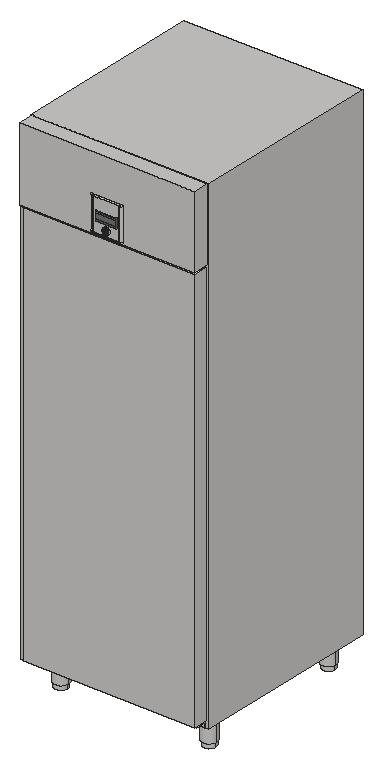
Revit family "QF_ELECTROLUXPROFESSIONAL_725392_REX71FFH", category Specialty Equipment, Revit 2018
Family settings
  Round Connector Dimension = Use Diameter
  Part Type = Normal
  Work Plane-Based = No
  Always vertical = Yes
  Cut with Voids When Loaded = No
  Shared = No
  Room Calculation Point = No
Parameters (values of type "Standard")
  Weight = 106.00 kg
  Watts = 0 W
  Volts = 220 V
  URL Manufacturer = "http://professional.electrolux.com"
  URL = "http://professional.electrolux.com"
  Steam Supply Size = 0 mm
  Steam Supply Minimum Pressure = 0.0 Pa
  Steam Supply Maximum Pressure = 0.0 Pa
  Steam Pounds per Hour = 0
  Refrigeration Suction Line Size = 0 mm
  Refrigeration Liquid Line Size = 0 mm
  Refrigerant Compressor Remote = yes
  Manufacturer = "Electrolux Professional"
  Phase = 1
  Model = "REX71FFH"
  Length Actual = 710 mm  # constant formula
  Item Number = "725392"
  Hot Water Size = 0 mm
  Height Actual = 2050 mm  # constant formula
  HP = "0.7 HP"
  Gas Size = 0 mm
  Gas KW = 0
  Gas Input Pressure = 0 W
  Direct Waste Size = 0 mm
  Description = "1-DOOR FREEZER 670L -22-15°C, DIGITAL WITH LIGHT, A304 -R290"
  Depth Actual = 835 mm  # constant formula
  Cycle = 50 Hz
  Condensate Return Size = 0 mm
  Compressed Air Volume = 0.0 L/s
  Compressed Air Size = 0 mm
  Compressed Air Pressure = 0.0 Pa
  Cold Water Size = 0 mm
  Accessory = yes
Reference planes
  plane 1 "Center (Front/Back)": y = 0
  plane 2: z = 0
  plane 3 "Center (Left/Right)": x = 0
  plane 4 "BASE": z = 110
  plane 5 "TOP": z = 2050
  plane 6 "FRONT": y = -417.5
  plane 7 "BACK": y = 417.5
  plane 8 "LEFT": x = -355
  plane 9 "RIGHT": x = 355
Forms (mm)
  Extrusion 1, solid, material "QF_Finishes_Stainless Steel"
    sketch origin (0, 0, 0) x (1, 0, 0) y (0, 1, 0)
      loop
        circle (-278, 344.5) r 25
      loop
        circle (278, 344.5) r 25
      loop
        circle (-295, -269.5) r 25
      loop
        circle (295, -269.5) r 25
    from 0 to 20
  Extrusion 2, solid, material "QF_Finishes_Stainless Steel"
    sketch origin (0, 0, 0) x (1, 0, 0) y (0, 1, 0)
      loop
        circle (-278, 344.5) r 30
      loop
        circle (278, 344.5) r 30
      loop
        circle (295, -269.5) r 30
      loop
        circle (-295, -269.5) r 30
    from 20 to 110
  Extrusion 3, solid, material "QF_Finishes_Stainless Steel"
    sketch origin (0, 0, 110) x (-1, 0, 0) y (0, -1, 0)
      loop
        line (355, -417.5) -> (355, 345.5) -> (-355, 345.5) -> (-355, -417.5) -> (355, -417.5)
    from 0 to 1940
  Extrusion 4, solid
    sketch origin (0, 417.5, 1660) x (-1, 0, 0) y (0, 0, 1)
      loop
        circle (339, 124) r 10
    from 0 to 3.2
  Extrusion 5, solid, material "QF_Door-Drawer Clearances", detail levels coarse
    sketch origin (0, 0, 110) x (-1, 0, 0) y (0, -1, 0)
      loop
        line (-347, 409.5) -> (-283, 409.5) -> (-283, 1006.5) -> (-301, 1006.5) -> (-301, 1024.5) -> (-323, 1024.5) -> (-323, 1062.5) -> (-347, 1062.5) -> (-347, 409.5)
    from 1642.965 to 28
  Extrusion 6, solid, material "QF_Door-Drawer Clearances", detail levels coarse
    sketch origin (0, 0, 110) x (-1, 0, 0) y (0, -1, 0)
      loop
        line (-283, 409.5) -> (347, 409.5)
        arc (347, 409.5) -> (150.684, 878.295) -> (-323, 1062.5) r 650
        line (-323, 1062.5) -> (-323, 1024.5) -> (-301, 1024.5) -> (-301, 1006.5) -> (-283, 1006.5) -> (-283, 409.5)
    from 1642.965 to 28
  Extrusion 7, solid, material "QF_Clearances", detail levels coarse
    sketch origin (0, 0, 110) x (-1, 0, 0) y (0, -1, 0)
      loop
        line (355, 417.5) -> (355, -417.5) -> (-355, -417.5) -> (-355, 417.5) -> (-385, 417.5) -> (-385, -447.5) -> (385, -447.5) -> (385, 417.5) -> (355, 417.5)
    from -110 to 1940
  Extrusion 8, solid, material "QF_Clearances", detail levels coarse
    sketch origin (0, 0, 2050) x (-1, 0, 0) y (0, -1, 0)
      loop
        line (385, -447.5) -> (385, 417.5) -> (-385, 417.5) -> (-385, -447.5) -> (385, -447.5)
    from 0 to 500
  Extrusion 9, void
    sketch origin (0, 417.5, 0) x (-1, 0, 0) y (0, 0, 1)
      loop
        line (280, 1724.965) -> (-280, 1724.965) -> (-280, 180) -> (0, 170) -> (280, 179.676) -> (280, 1724.965)
    from -56 to -763
Cuts and joins
  joined: Extrusion 7, Extrusion 8
  Extrusion 9 cuts Extrusion 3
Lines and regions (mm)
  symbolic lines, style "SpecialityEquipmentHiddenLines"
    curve 1: line (347, -409.5, 110) -> (347, -1062.5, 110)
    curve 2: line (347, -1062.5, 110) -> (323, -1062.5, 110)
    curve 3: line (283, -409.5, 110) -> (283, -1006.5, 110)
    curve 4: line (323, -1062.5, 110) -> (323, -1024.5, 110)
    curve 5: line (323, -1024.5, 110) -> (301, -1024.5, 110)
    curve 6: line (301, -1024.5, 110) -> (301, -1006.5, 110)
    curve 7: line (301, -1006.5, 110) -> (283, -1006.5, 110)
    curve 8: arc (-347, -409.5, 110) -> (-150.684, -878.295, 110) -> (323, -1062.5, 110) r 650
  symbolic lines, style "QF_Clearances", detail levels coarse
    curve 9: line (-355, -417.5, 2050) -> (-385, -417.5, 2050)
    curve 10: line (-385, -417.5, 2050) -> (-385, 447.5, 2050)
    curve 11: line (-385, 447.5, 2050) -> (385, 447.5, 2050)
    curve 12: line (385, 447.5, 2050) -> (385, -417.5, 2050)
    curve 13: line (385, -417.5, 2050) -> (355, -417.5, 2050)
Dimensions and locks
  equal spacing: plane 7 "BACK", plane 1 "Center (Front/Back)", plane 6 "FRONT"
  equal spacing: plane 8 "LEFT", plane 3 "Center (Left/Right)", plane 9 "RIGHT"
  plane 8 "LEFT" to plane 9 "RIGHT" = 710 mm
  plane 7 "BACK" to plane 6 "FRONT" = 835 mm
  plane 5 "TOP" to plane 2 = 2050 mm
  aligned and locked: level to plane 2
Automatic sketch dimensions
  Extrusion 3 sketch curve to plane 7 "BACK" = 0 mm
  Extrusion 3 sketch curve to plane 9 "RIGHT" = 0 mm
  Extrusion 3 sketch curve to plane 8 "LEFT" = 0 mm
  plane 8 "LEFT" to Extrusion 4 sketch curve = 16 mm
  plane 4 "BASE" to Extrusion 4 sketch curve = 1674 mm
  plane 9 "RIGHT" to curve 1 = 8 mm
  curve 1 to curve 2 = 24 mm
  plane 6 "FRONT" to curve 8 = 4.692 mm
  curve 7 to plane 6 "FRONT" = 589 mm
  curve 6 to curve 5 = 18 mm
  curve 4 to curve 2 = 38 mm
  plane 6 "FRONT" to curve 8 = 8 mm
  plane 6 "FRONT" to curve 1 = 8 mm
  plane 6 "FRONT" to curve 3 = 8 mm
  plane 9 "RIGHT" to Extrusion 5 sketch curve = 8 mm
  Extrusion 5 sketch curve to plane 6 "FRONT" = 589 mm
  Extrusion 5 sketch curve to Extrusion 5 sketch curve = 18 mm
  Extrusion 5 sketch curve to Extrusion 5 sketch curve = 38 mm
  plane 6 "FRONT" to Extrusion 5 sketch curve = 8 mm
  plane 6 "FRONT" to Extrusion 6 sketch curve = 4.692 mm
  Extrusion 6 sketch curve to Extrusion 6 sketch curve = 18 mm  (x2)
  Extrusion 6 sketch curve to Extrusion 6 sketch curve = 38 mm
  plane 8 "LEFT" to Extrusion 6 sketch curve = 8 mm
  plane 6 "FRONT" to Extrusion 6 sketch curve = 8 mm
  Extrusion 7 sketch curve to plane 6 "FRONT" = 0 mm  (x2)
  Extrusion 7 sketch curve to plane 7 "BACK" = 0 mm
  Extrusion 7 sketch curve to plane 9 "RIGHT" = 0 mm
  Extrusion 7 sketch curve to plane 8 "LEFT" = 0 mm
  Extrusion 7 sketch curve to plane 9 "RIGHT" = 30 mm
  Extrusion 7 sketch curve to plane 8 "LEFT" = 30 mm
  plane 7 "BACK" to Extrusion 7 sketch curve = 30 mm
  Extrusion 8 sketch curve to plane 6 "FRONT" = 0 mm
  Extrusion 8 sketch curve to plane 9 "RIGHT" = 30 mm
  Extrusion 8 sketch curve to plane 8 "LEFT" = 30 mm
  plane 7 "BACK" to Extrusion 8 sketch curve = 30 mm
  curve 12 to plane 6 "FRONT" = 0 mm
  curve 13 to plane 9 "RIGHT" = 0 mm
  curve 9 to plane 6 "FRONT" = 0 mm
  curve 9 to plane 8 "LEFT" = 0 mm
  curve 11 to plane 9 "RIGHT" = 30 mm
  curve 9 to curve 10 = 30 mm
  plane 7 "BACK" to curve 11 = 30 mm
  plane 8 "LEFT" to Extrusion 1 sketch curve = 60 mm
  plane 8 "LEFT" to Extrusion 1 sketch curve = 77 mm
  plane 9 "RIGHT" to Extrusion 1 sketch curve = 77 mm
  plane 9 "RIGHT" to Extrusion 1 sketch curve = 60 mm
  plane 6 "FRONT" to Extrusion 1 sketch curve = 148 mm  (x2)
  Extrusion 1 sketch curve to plane 7 "BACK" = 73 mm  (x2)
  plane 8 "LEFT" to Extrusion 2 sketch curve = 60 mm
  plane 8 "LEFT" to Extrusion 2 sketch curve = 77 mm
  plane 9 "RIGHT" to Extrusion 2 sketch curve = 77 mm
  plane 9 "RIGHT" to Extrusion 2 sketch curve = 60 mm
  plane 6 "FRONT" to Extrusion 2 sketch curve = 148 mm  (x2)
  Extrusion 2 sketch curve to plane 7 "BACK" = 73 mm  (x2)
  plane 6 "FRONT" to Extrusion 3 sketch curve = 72 mm
  curve 1 to curve 8 = 44.008 mm
  curve 4 to curve 5 = 22 mm
  curve 6 to curve 3 = 18 mm
  plane 9 "RIGHT" to Extrusion 5 sketch curve = 32 mm
  Extrusion 5 sketch curve to Extrusion 5 sketch curve = 22 mm
  Extrusion 5 sketch curve to Extrusion 5 sketch curve = 64 mm
  plane 9 "RIGHT" to Extrusion 6 sketch curve = 72 mm
  Extrusion 6 sketch curve to Extrusion 6 sketch curve = 19.992 mm
  Extrusion 6 sketch curve to Extrusion 6 sketch curve = 22 mm
  Extrusion 9 sketch curve to plane 3 "Center (Left/Right)" = 0 mm
  plane 8 "LEFT" to Extrusion 9 sketch curve = 75 mm
  plane 4 "BASE" to Extrusion 9 sketch curve = 60 mm
  plane 4 "BASE" to Extrusion 9 sketch curve = 69.676 mm
  Extrusion 9 sketch curve to plane 5 "TOP" = 325.035 mm
  plane 9 "RIGHT" to Extrusion 9 sketch curve = 75 mm
  Extrusion 9 sketch curve to Extrusion 9 sketch curve = 0.324 mm
  radius of Extrusion 1 sketch curve = 25 mm  (x4)
  radius of Extrusion 2 sketch curve = 30 mm  (x4)
  radius of Extrusion 4 sketch curve = 10 mm
Nested families
  nested 1: "QF_727993_Door" at (0, -345.5, 968.365) x (1, 0, 0) z (0, -1, 0), type "QF_727993_Door"
    with Show Clearance yes
  nested 2: "Freezer" at (355, -417.5, 2050), type "Freezer"
Connectors
  electrical at (-339, 420.7, 1784), driven by "Volts"
    settings: on Extrusion 4, index 2, voltage 220 V, apparent load 0 VA, apparent load phase1 0 VA, apparent load phase2 0 VA, apparent load phase3 0 VA, power factor 1, load classification "Other", number of poles 1, system type 30, power factor state 1, is connector primary yes, connector utility no, sub classification motor no, connector description "Electrical Connection"
Definition of nested family "QF_727993_Door"
  Parameters
    Show Clearance [instance] = yes
    Model = "727993"
    Default Elevation = 1219.2 mm
  Reference planes
    plane 1 "Center (Front/Back)": y = 0
    plane 2: z = 0
    plane 3 "Center (Left/Right)": x = 0
  Forms (mm)
    Extrusion 1, solid
      sketch origin (0, -919.2, 0) x (1, 0, 0) y (0, 1, 0)
        loop
          line (-460, 2119.2) -> (-460, -162.846) -> (488.967, -162.846) -> (488.967, 2119.2) -> (-460, 2119.2)
      from 0 to -59.546
    Extrusion 2, solid
      sketch origin (0, 0, 0) x (1, 0, 0) y (0, 0, 1)
        loop
          line (-347, 64) -> (-347, 0) -> (347, 0) -> (347, 64) -> (-347, 64)
      from -1081.6 to -791.6
    Extrusion 3, solid
      sketch origin (0, 0, 0) x (1, 0, 0) y (0, 0, 1)
        loop
          line (-347, 60) -> (-347, 26) -> (-325, 26) -> (-325, 8) -> (-307, 8) -> (-307, 0) -> (339, 0) -> (339, 8) -> (347, 8) -> (347, 64) -> (-332, 64) -> (-347, 60)
      from -784.6 to 830.4
    Extrusion 4, solid
      sketch origin (119, -516.365, 0) x (0, 1, 0) y (0, 0, 1)
        loop
          line (-323.003, 40.312) -> (-316.501, 40.312) -> (-316.501, 42.812) -> (-325.503, 42.812) -> (-325.503, 2.5) -> (-342, 2.5) -> (-342, 0) -> (-323.003, 0) -> (-323.003, 12.259) -> (-323.003, 40.312)
        loop
          line (-314, 38.311) -> (-316.501, 38.311) -> (-316.501, 14.304) -> (-319.752, 14.304) -> (-319.752, 11.804) -> (-314, 11.804) -> (-314, 38.311)
      from 185 to 220
    Extrusion 5, solid
      sketch origin (119, 469.597, 0) x (0, 1, 0) y (0, 0, 1)
        loop
          line (315.003, 27.948) -> (315.003, 2.948) -> (315.003, 0) -> (322.003, 0) -> (322.003, 2.5) -> (317.503, 2.5) -> (317.503, 27.948) -> (315.003, 27.948)
      from 185 to 220
  Lines and regions (mm)
    symbolic lines
      curve 1: line (-347, 0, 64) -> (347, 0, 64)
      curve 2: line (-347, 0, 0) -> (-347, 0, 64)
      curve 3: line (347, 0, 0) -> (-347, 0, 0)
      curve 4: line (347, 0, 64) -> (347, 0, 0)
      curve 5: line (-347, 0, 26) -> (-325, 0, 26)
      curve 6: line (-325, 0, 26) -> (-325, 0, 8)
      curve 7: line (-325, 0, 8) -> (-307, 0, 8)
      curve 8: line (-307, 0, 8) -> (-307, 0, 0)
      curve 9: line (339, 0, 8) -> (347, 0, 8)
      curve 10: line (339, 0, 8) -> (339, 0, 0)
  Dimensions and locks
    aligned and locked: plane 2 to Extrusion 1
    aligned and locked: level to Extrusion 1
  Nested families
    nested 1: "QF_DisplayStandardCabinets" at (0, 863.6, 64), type "QF_DisplayStandardCabinets"
      with Show Clearance yes, Default Elevation 0 mm
  Definition of nested family "QF_DisplayStandardCabinets"
    Parameters
      Show Clearance [instance] = yes
      Model = "728658"
      Default Elevation = 1219.2 mm
    Reference planes
      plane 1 "Center (Front/Back)": y = 0
      plane 2: z = 0
      plane 3 "Center (Left/Right)": x = 0
    Forms (mm)
      Extrusion 1, solid
        sketch origin (0, -919.2, 0) x (1, 0, 0) y (0, 1, 0)
          loop
            line (-198.75, 1146.2) -> (-198.75, 709.567) -> (165.741, 709.567) -> (165.741, 1146.2) -> (-198.75, 1146.2)
        from 0 to -59.546
      Extrusion 2, solid
        sketch origin (-59, -44.611, 0) x (0, 1, 0) y (-1, 0, 0)
          loop
            circle (0.611, -59) r 14
        from 5 to 7
      Extrusion 3, solid
        sketch origin (744.635, 320.889, 0) x (0, 1, 0) y (-1, 0, 0)
          loop
            circle (-364.889, 744.635) r 10
          loop
            circle (-364.889, 744.635) r 9
        from 5 to 8
      Extrusion 4, solid
        sketch origin (744.635, 320.889, 0) x (0, 1, 0) y (-1, 0, 0)
          loop
            circle (-364.889, 744.635) r 8.7
        from 5 to 8
      Extrusion 5, void
        sketch origin (744.635, 320.889, 0) x (0, 1, 0) y (-1, 0, 0)
          loop
            line (-372.339, 745.885) -> (-372.339, 743.385) -> (-362.339, 743.385) -> (-362.339, 745.885) -> (-372.339, 745.885)
        from 8.592 to 6.269
      Blend 6, solid
        base sketch origin (365.719, -803.635, 0) x (1, 0, 0) y (0, 1, 0)
          loop
            arc (-424.229, 873.635) -> (-428.653, 871.803) -> (-430.485, 867.38) r 6.255
            line (-430.485, 867.38) -> (-430.485, 739.89)
            arc (-430.485, 739.89) -> (-428.653, 735.467) -> (-424.229, 733.635) r 6.255
            line (-424.229, 733.635) -> (-307.728, 733.635)
            arc (-307.728, 733.635) -> (-303.305, 735.467) -> (-301.473, 739.89) r 6.255
            line (-301.473, 739.89) -> (-301.473, 867.38)
            arc (-301.473, 867.38) -> (-303.305, 871.803) -> (-307.728, 873.635) r 6.255
            line (-307.728, 873.635) -> (-424.229, 873.635)
        top sketch origin (365.719, -803.635, 0) x (1, 0, 0) y (0, 1, 0)
          loop
            line (-418.756, 738.326) -> (-313.201, 738.326) -> (-313.201, 868.943) -> (-418.756, 868.943) -> (-418.756, 738.326)
        from 0 to 4
      Extrusion 7, solid
        sketch origin (744.635, 320.889, 0) x (0, 1, 0) y (-1, 0, 0)
          loop
            line (-372.339, 745.885) -> (-372.339, 743.385) -> (-362.339, 743.385) -> (-362.339, 745.885) -> (-372.339, 745.885)
        from 6 to 8
      Extrusion 8, void
        sketch origin (0, 0, 0) x (1, 0, 0) y (0, 1, 0)
          loop
            line (-53.037, 65.309) -> (-53.037, -65.309) -> (52.518, -65.309) -> (52.518, 65.309) -> (-53.037, 65.309)
        from 5 to 2
      Extrusion 9, solid
        sketch origin (0, 0, 0) x (1, 0, 0) y (0, 1, 0)
          loop
            line (-51.473, 63.745) -> (-51.473, -63.745) -> (50.954, -63.745) -> (50.954, 63.745) -> (-51.473, 63.745)
        from 2.2 to 4
      Extrusion 10, solid
        sketch origin (0, -30, 0) x (0, 1, 0) y (0, 0, 1)
          loop
            line (10.404, 4) -> (17.404, 4) -> (17.404, 8)
            arc (17.404, 8) -> (13.868, 7.749) -> (10.404, 7) r 25
            line (10.404, 7) -> (10.404, 4)
          loop
            arc (47.404, 7) -> (43.939, 7.749) -> (40.404, 8) r 25
            line (40.404, 8) -> (40.404, 4) -> (47.404, 4) -> (47.404, 7)
        from 40 to -40
      Extrusion 11, solid
        sketch origin (0, -30, 0) x (1, 0, 0) y (0, 1, 0)
          loop
            line (-40, 40.404) -> (-40, 17.404) -> (40, 17.404) -> (40, 40.404) -> (-40, 40.404)
        from 8 to 4
    Cuts and joins
      Extrusion 5 cuts Extrusion 4
      Extrusion 8 cuts Blend 6
      joined: Extrusion 10, Extrusion 11
    Lines and regions (mm)
      Split face 1
        outline origin (-41, 10.404, 8) x (-1, 0, 0) y (0, -1, 0)
          loop
            line (-72.157, 0.05) -> (-72.157, 10.5) -> (-78.157, 10.5) -> (-78.157, 0.05) -> (-72.157, 0.05)
      Split face 2
        outline origin (-50, 10.404, 8) x (-1, 0, 0) y (0, -1, 0)
          loop
            line (-72.157, 0.05) -> (-72.157, 10.5) -> (-78.157, 10.5) -> (-78.157, 0.05) -> (-72.157, 0.05)
      Split face 3
        outline origin (-50, 10.404, 8) x (-1, 0, 0) y (0, -1, 0)
          loop
            line (-72.157, 12.45) -> (-72.157, 22.9) -> (-78.157, 22.9) -> (-78.157, 12.45) -> (-72.157, 12.45)
      Split face 4
        outline origin (-50, 10.404, 8) x (-1, 0, 0) y (0, -1, 0)
          loop
            line (-81.157, 12.45) -> (-81.157, 22.9) -> (-87.157, 22.9) -> (-87.157, 12.45) -> (-81.157, 12.45)
      Split face 5
        outline origin (-50, 10.404, 8) x (-1, 0, 0) y (0, -1, 0)
          loop
            line (-13, 0.1) -> (-13, 22.9) -> (-69, 22.9) -> (-69, 0.1) -> (-13, 0.1)
      symbolic lines
        curve 1: line (52.518, 0, 4) -> (-53.037, 0, 4)
        curve 2: line (40, 0, 4) -> (40, 0, 8)
        curve 3: line (40, 0, 8) -> (-40, 0, 8)
        curve 4: line (-40, 0, 8) -> (-40, 0, 4)
        curve 5: line (-64.765, 0, 0) -> (-53.037, 0, 4)
        curve 6: line (52.518, 0, 4) -> (64.135, 0, 0)
    Dimensions and locks
      aligned and locked: plane 2 to Extrusion 1
      aligned and locked: level to Extrusion 1
Definition of nested family "Freezer"
  Reference planes
    plane 1 "Center (Front/Back)": y = 0
    plane 2: z = 0
    plane 3 "Center (Left/Right)": x = 0
  Lines and regions (mm)
    detail lines, in view "Ref. Level"
      curve 1: spline (-500, 190, 0) -> (-493.185, 166.706, 0) -> (-473.205, 145, 0) -> (-441.421, 126.36, 0) -> (-400, 112.058, 0) -> (-351.764, 103.067, 0) -> (-300, 100, 0) -> (-248.236, 103.067, 0) -> (-200, 112.058, 0) -> (-158.579, 126.36, 0) -> (-126.795, 145, 0) -> (-106.815, 166.706, 0) -> (-100, 190, 0) -> (-106.815, 213.294, 0) -> (-126.795, 235, 0) -> (-158.579, 253.64, 0) -> (-200, 267.942, 0) -> (-248.236, 276.933, 0) -> (-300, 280, 0) -> (-351.764, 276.933, 0) -> (-400, 267.942, 0) -> (-441.421, 253.64, 0) -> (-473.205, 235, 0) -> (-493.185, 213.294, 0) -> (-500, 190, 0)
      curve 2: line (-220, 130, 0) -> (-220, 250, 0)
      curve 3: line (-271.962, 220, 0) -> (-168.038, 160, 0)
      curve 4: line (-271.962, 160, 0) -> (-168.038, 220, 0)
      curve 5: line (-200.884, 246.873, 0) -> (-220, 225, 0)
      curve 6: line (-220, 225, 0) -> (-239.116, 246.873, 0)
      curve 7: line (-250.311, 207.5, 0) -> (-260, 235.883, 0)
      curve 8: line (-279.736, 201.7, 0) -> (-250.311, 207.5, 0)
      curve 9: line (-250.311, 172.5, 0) -> (-279.736, 178.3, 0)
      curve 10: line (-260, 144.117, 0) -> (-250.311, 172.5, 0)
      curve 11: line (-220, 155, 0) -> (-239.116, 133.127, 0)
      curve 12: line (-200.884, 133.127, 0) -> (-220, 155, 0)
      curve 13: line (-189.689, 172.5, 0) -> (-180.304, 145.008, 0)
      curve 14: line (-161.188, 178.118, 0) -> (-189.689, 172.5, 0)
      curve 15: line (-189.689, 207.5, 0) -> (-161.188, 201.882, 0)
      curve 16: line (-180.304, 234.992, 0) -> (-189.689, 207.5, 0)
      curve 17: line (-380, 130, 0) -> (-380, 250, 0)
      curve 18: line (-431.962, 220, 0) -> (-328.038, 160, 0)
      curve 19: line (-431.962, 160, 0) -> (-328.038, 220, 0)
      curve 20: line (-360.884, 246.873, 0) -> (-380, 225, 0)
      curve 21: line (-380, 225, 0) -> (-399.116, 246.873, 0)
      curve 22: line (-410.311, 207.5, 0) -> (-419.696, 234.992, 0)
      curve 23: line (-438.812, 201.882, 0) -> (-410.311, 207.5, 0)
      curve 24: line (-410.311, 172.5, 0) -> (-438.812, 178.118, 0)
      curve 25: line (-419.696, 145.008, 0) -> (-410.311, 172.5, 0)
      curve 26: line (-380, 155, 0) -> (-399.116, 133.127, 0)
      curve 27: line (-360.884, 133.127, 0) -> (-380, 155, 0)
      curve 28: line (-349.689, 172.5, 0) -> (-340, 144.117, 0)
      curve 29: line (-320.264, 178.3, 0) -> (-349.689, 172.5, 0)
      curve 30: line (-349.689, 207.5, 0) -> (-320.264, 201.7, 0)
      curve 31: line (-340, 235.883, 0) -> (-349.689, 207.5, 0)
